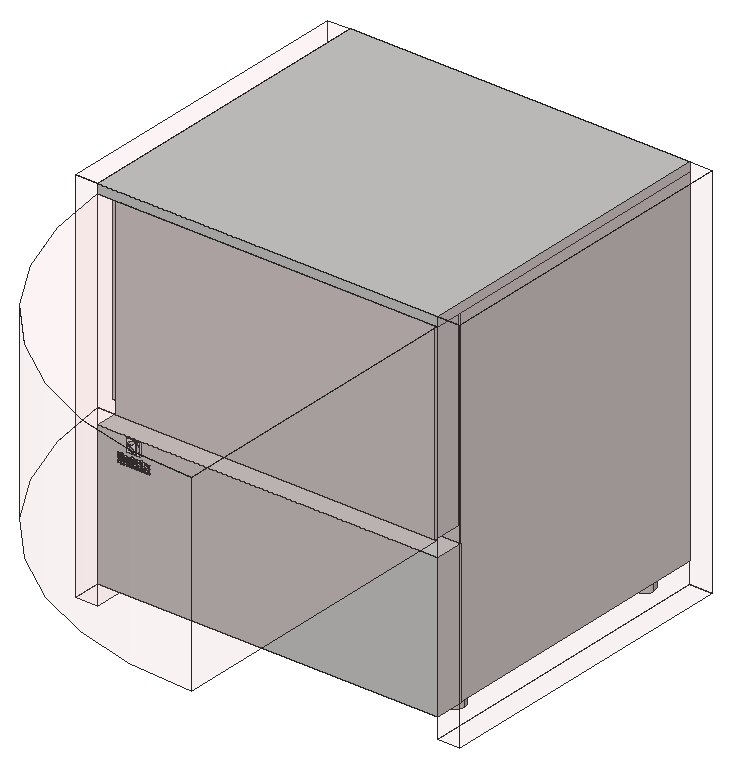
Revit family "QF_ELECTROLUXPROFESSIONAL_725442_ECBCFA015UE", category Attrezzature speciali, Revit 2018
Family settings
  Quota connettore circolare = Usa diametro
  Tipo di parte = Normale
  Basato su piano di lavoro = No
  Sempre verticale = Sì
  Taglio con vuoti quando caricato = No
  Condiviso = No
  Punto di calcolo locali = No
Parameters (values of type "Standard")
  Weight = 85.00 kg
  Watts = 730 W
  Volts = 220 V
  URL Manufacturer = "https://www.electroluxprofessional.com/"
  URL = "https://www.electroluxprofessional.com/"
  Steam Supply Size = 0 mm
  Steam Supply Minimum Pressure = 0.0 Pa
  Steam Supply Maximum Pressure = 0.0 Pa
  Steam Consumption per Hour = 0
  Show Logo [instance] = yes
  Show Clearance [instance] = yes
  Refrigeration Suction Line Size = 0 mm
  Refrigeration Liquid Line Size = 0 mm
  Refrigerant Compressor Remote = yes
  Produttore = "Electrolux Professional"
  Phase = 1
  Modello = "ECBCFA015UE"
  Length Actual = 762 mm  # constant formula
  Item Number = "725442"
  Hot Water Size = 0 mm
  Height Actual = 850 mm  # constant formula
  HP = "1 HP"
  Gas Size = 0 mm
  Gas KW = 0
  Gas Input Pressure = 0 W
  Direct Waste Size = 0 mm
  Descrizione = "BLAST CHILLER/FREEZER CW 15KG 5 GN 1/1 - R452A - UNDERCOUNTER"
  Depth Actual = 708 mm  # constant formula
  Cycle = 50 Hz
  Condensate Return Size = 0 mm
  Compressed Air Volume = 0.0 L/s
  Compressed Air Size = 0 mm
  Compressed Air Pressure = 0.0 Pa
  Cold Water Size = 0 mm
  Accessory = yes
Types (2, lengths in mm): name | URL | Produttore | Phase | Modello | Descrizione
  (no name) | 0 | 0 | 0 | 0 | 0
  Standard | "https://www.electroluxprofessional.com/" | "Electrolux Professional" | 1 | "ECBCFA015UE" | "BLAST CHILLER/FREEZER CW 15KG 5 GN 1/1 - R452A - UNDERCOUNTER"
Values of the unnamed type that differ from the named types
  Weight = 0.00 kg
  Watts = 0 W
  Volts = 0 V
  URL Manufacturer = ""
  Item Number = ""
  HP = ""
  Cycle = 0 Hz
Reference planes
  plane 1 "Center X": y = 193.851
  plane 2: z = 0
  plane 3 "Center Y": x = -378
  plane 4 "LEFT": x = -759
  plane 5 "BACK": y = 547.851
  plane 6 "RIGHT": x = 3
  plane 7 "FRONT": y = -160.149
  plane 8: z = 45
  plane 9 "TOP": z = 850
  plane 10: x = -703
  plane 11: y = 491.851
  plane 12: x = -53
  plane 13: y = -39.149
  plane 14: z = 830
  plane 15: y = -851.149
Forms (mm)
  Extrusion 1, solid, material "QF_Finishes_Stainless Steel"
    sketch origin (0, 0, 850) x (-1, 0, 0) y (0, -1, 0)
      loop
        line (759, -547.851) -> (759, 95.149) -> (-3, 95.149) -> (-3, -547.851) -> (759, -547.851)
    from -20 to -802
  Extrusion 2, solid, material "QF_Finishes_Stainless Steel"
    sketch origin (-499.727, 547.851, 687) x (1, 0, 0) y (0, 0, -1)
      loop
        circle (121.727, 592) r 10.5
    from 0 to 10
  Extrusion 3, solid, material "QF_Finishes_Stainless Steel"
    sketch origin (-1206.916, -1524, 45) x (-1, 0, 0) y (0, -1, 0)
      loop
        line (-447.916, -1363.851) -> (-1209.916, -1363.851) -> (-1209.916, -1428.851) -> (-447.916, -1428.851) -> (-447.916, -1363.851)
    from 320.766 to 0
  Extrusion 4, solid, material "QF_Finishes_Stainless Steel"
    sketch origin (-623, 0, 1060.038) x (1, 0, 0) y (0, 1, 0)
      loop
        line (620, -160.149) -> (620, -95.149) -> (-136, -95.149) -> (-136, -160.149) -> (620, -160.149)
    from -230.038 to -660.038
  Extrusion 5, solid, material "QF_Finishes_Stainless Steel"
    sketch origin (-1206.916, -1524, 882) x (-1, 0, 0) y (0, -1, 0)
      loop
        line (-447.916, -2071.851) -> (-447.916, -1363.851) -> (-1209.916, -1363.851) -> (-1209.916, -2071.851) -> (-447.916, -2071.851)
    from -32 to -52
  Extrusion 6, solid, material "QF_Clearance", visible <- "Show Clearance"
    sketch origin (0, 0, 0) x (1, 0, 0) y (0, 1, 0)
      loop
        line (-759, 547.851) -> (-809, 547.851) -> (-809, -160.149) -> (-759, -160.149) -> (-759, 547.851)
      loop
        line (53, 547.851) -> (3, 547.851) -> (3, -160.149) -> (53, -160.149) -> (53, 547.851)
    from 0 to 850
  Extrusion 7, solid, material "QF_Finishes_Stainless Steel"
    sketch origin (0, 0, 0) x (1, 0, 0) y (0, 1, 0)
      loop
        circle (-703, -39.149) r 20
      loop
        circle (-703, 491.851) r 20
      loop
        circle (-53, 491.851) r 20
      loop
        circle (-53, -39.149) r 20
    from 0 to 45
  Extrusion 8, void
    sketch origin (0, 0, 0) x (1, 0, 0) y (0, 1, 0)
      loop
        line (-759, -160.149) -> (-719, -160.149) -> (-719, -120.149) -> (-759, -120.149) -> (-759, -160.149)
    from 400 to 830
  Extrusion 9, solid, material "QF_Finishes_Stainless Steel"
    sketch origin (0, -65.734, 35) x (1, 0, 0) y (0, 1, 0)
      loop
        circle (-378, 228.585) r 10
    from 0 to 10
  Extrusion 10, solid, material "QF_Clearance", visible <- "Show Clearance"
    sketch origin (0, 0, 0) x (1, 0, 0) y (0, 1, 0)
      loop
        line (3, -160.149) -> (-759, -160.149)
        arc (-759, -160.149) -> (-520.402, -662.683) -> (3, -851.149) r 729.929
        line (3, -851.149) -> (3, -160.149)
    from 400 to 830
Cuts and joins
  joined: Extrusion 1, Extrusion 2
  Extrusion 8 cuts Extrusion 3
  Extrusion 8 cuts Extrusion 6
  Extrusion 8 cuts Extrusion 4
Lines and regions (mm)
  Split face 1
    outline origin (3, -160.149, 45) x (-1, 0, 0) y (0, 0, -1)
      loop
        line (762, -257) -> (562, -257) -> (537.858, -232.858) -> (224.142, -232.858) -> (200, -257) -> (0, -257)
  Split face 2
    outline origin (3, -160.149, 45) x (-1, 0, 0) y (0, 0, -1)
      loop
        line (762, -202) -> (0, -202)
  Split face 3
    outline origin (3, -160.149, 45) x (-1, 0, 0) y (0, 0, -1)
      loop
        line (408.5, -305.998) -> (408.5, -290.998) -> (353.5, -290.998) -> (353.5, -305.998) -> (408.5, -305.998)
  Split face 4
    outline origin (3, -160.149, 20) x (-1, 0, 0) y (0, 0, -1)
      loop
        line (408.5, -305.998) -> (408.5, -290.998) -> (353.5, -290.998) -> (353.5, -305.998) -> (408.5, -305.998)
  symbolic lines
    curve 1: line (-759, 547.851, 850) -> (3, 547.851, 850)
    curve 2: line (-759, -160.149, 850) -> (-759, 547.851, 850)
    curve 3: line (3, 547.851, 850) -> (3, -160.149, 850)
    curve 4: line (3, -160.149, 0) -> (-759, -160.149, 0)
  symbolic lines, style "QF_Clearances"
    curve 5: line (-809, 547.851, 0) -> (-809, -160.149, 0)
    curve 6: line (-809, -160.149, 0) -> (-759, -160.149, 0)
    curve 7: line (53, 547.851, 0) -> (3, 547.851, 0)
    curve 8: line (53, 547.851, 0) -> (53, -160.149, 0)
    curve 9: line (-759, 547.851, 0) -> (-809, 547.851, 0)
    curve 10: line (3, -160.149, 0) -> (53, -160.149, 0)
  symbolic lines, style "QF_Door-Drawer Clearances"
    curve 11: line (3, -851.149, 0) -> (3, -160.149, 0)
    curve 12: arc (-759, -160.149, 0) -> (-520.402, -662.683, 0) -> (3, -851.149, 0) r 729.929
Dimensions and locks
  equal spacing: plane 4 "LEFT", plane 3 "Center Y", plane 6 "RIGHT"
  plane 4 "LEFT" to plane 6 "RIGHT" = 762 mm
  plane 5 "BACK" to plane 7 "FRONT" = 708 mm
  equal spacing: plane 5 "BACK", plane 1 "Center X", plane 7 "FRONT"
  cut or joined group of Extrusion 1, Extrusion 2 to Extrusion 2 sketch curve = 381 mm
  level to Extrusion 2 sketch curve = 95 mm
  Extrusion 2 sketch curve to plane 4 "LEFT" = 381 mm
  plane 9 "TOP" to plane 2 = 850 mm
  locked: plane 9 "TOP" to plane 14 at 20
  plane 8 to level = 45 mm
  plane 6 "RIGHT" to plane 12 = 56 mm
  plane 5 "BACK" to plane 15 = 1399 mm
  aligned and locked: level to plane 2
  aligned and locked: Extrusion 1 to plane 4 "LEFT"
  aligned and locked: plane 6 "RIGHT" to Extrusion 1
  aligned and locked: plane 14 to cut or joined group of Extrusion 1, Extrusion 2
  aligned and locked: plane 5 "BACK" to Extrusion 1
  aligned and locked: plane 8 to Extrusion 7
Automatic sketch dimensions
  curve 6 to plane 7 "FRONT" = 0 mm
  curve 5 to plane 5 "BACK" = 0 mm
  curve 9 to plane 4 "LEFT" = 0 mm
  curve 4 to plane 4 "LEFT" = 0 mm
  curve 10 to plane 6 "RIGHT" = 0 mm
  curve 7 to plane 5 "BACK" = 0 mm
  curve 7 to plane 6 "RIGHT" = 0 mm
  curve 9 to curve 9 = 50 mm
  plane 6 "RIGHT" to curve 8 = 50 mm
  Extrusion 1 sketch curve to plane 5 "BACK" = 0 mm
  Extrusion 1 sketch curve to plane 6 "RIGHT" = 0 mm
  Extrusion 1 sketch curve to plane 4 "LEFT" = 0 mm
  Extrusion 1 sketch curve to plane 13 = 56 mm
  curve 1 to plane 5 "BACK" = 0 mm
  curve 1 to plane 6 "RIGHT" = 0 mm
  curve 2 to plane 4 "LEFT" = 0 mm
  curve 3 to plane 7 "FRONT" = 0 mm
  curve 2 to plane 7 "FRONT" = 0 mm
  Extrusion 3 sketch curve to plane 6 "RIGHT" = 0 mm
  Extrusion 3 sketch curve to plane 4 "LEFT" = 0 mm
  Extrusion 3 sketch curve to plane 7 "FRONT" = 0 mm
  Extrusion 3 sketch curve to plane 13 = 56 mm
  Extrusion 4 sketch curve to plane 4 "LEFT" = 0 mm
  Extrusion 4 sketch curve to plane 7 "FRONT" = 0 mm
  Extrusion 4 sketch curve to plane 6 "RIGHT" = 6 mm
  Extrusion 4 sketch curve to plane 13 = 56 mm
  Extrusion 5 sketch curve to plane 5 "BACK" = 0 mm
  Extrusion 5 sketch curve to plane 6 "RIGHT" = 0 mm
  Extrusion 5 sketch curve to plane 4 "LEFT" = 0 mm
  Extrusion 5 sketch curve to plane 7 "FRONT" = 0 mm
  Split face 1 sketch curve to Extrusion 3 = 0 mm
  Extrusion 3 to Split face 1 sketch curve = 0 mm
  Split face 1 sketch curve to Extrusion 3 = 63.766 mm
  Split face 1 sketch curve to Extrusion 3 = 200 mm
  Split face 1 sketch curve to Split face 1 sketch curve = 24.142 mm  (x3)
  Split face 1 sketch curve to Extrusion 3 = 87.908 mm
  Split face 1 sketch curve to Extrusion 3 = 224.142 mm
  Split face 2 sketch curve to Extrusion 3 = 0 mm
  Extrusion 3 to Split face 2 sketch curve = 0 mm
  Split face 2 sketch curve to Extrusion 3 = 118.766 mm
  Split face 3 sketch curve to Extrusion 3 = 14.768 mm
  Split face 3 sketch curve to Extrusion 3 = 353.5 mm
  Split face 3 sketch curve to Split face 3 sketch curve = 55 mm
  Split face 3 sketch curve to Split face 3 sketch curve = 15 mm
  Split face 4 sketch curve to Extrusion 3 = 39.768 mm
  Split face 4 sketch curve to Extrusion 3 = 353.5 mm
  Split face 4 sketch curve to Split face 4 sketch curve = 55 mm
  Split face 4 sketch curve to Split face 4 sketch curve = 15 mm
  Extrusion 6 sketch curve to plane 7 "FRONT" = 0 mm  (x2)
  Extrusion 6 sketch curve to plane 5 "BACK" = 0 mm  (x2)
  Extrusion 6 sketch curve to plane 4 "LEFT" = 0 mm
  Extrusion 6 sketch curve to plane 6 "RIGHT" = 0 mm
  Extrusion 6 sketch curve to Extrusion 6 sketch curve = 50 mm
  plane 6 "RIGHT" to Extrusion 6 sketch curve = 50 mm
  Extrusion 7 sketch curve to plane 10 = 0 mm  (x2)
  Extrusion 7 sketch curve to plane 12 = 0 mm  (x2)
  Extrusion 7 sketch curve to plane 11 = 0 mm  (x2)
  Extrusion 7 sketch curve to plane 13 = 0 mm  (x2)
  Extrusion 8 sketch curve to plane 4 "LEFT" = 0 mm
  Extrusion 8 sketch curve to plane 7 "FRONT" = 0 mm
  Extrusion 8 sketch curve to plane 10 = 16 mm
  plane 7 "FRONT" to Extrusion 8 sketch curve = 40 mm
  Extrusion 9 sketch curve to plane 3 "Center Y" = 0 mm
  plane 1 "Center X" to Extrusion 9 sketch curve = 31 mm
  Extrusion 10 sketch curve to plane 4 "LEFT" = 0 mm
  Extrusion 10 sketch curve to plane 6 "RIGHT" = 0 mm
  Extrusion 10 sketch curve to plane 15 = 0 mm
  Extrusion 10 sketch curve to plane 7 "FRONT" = 0 mm
  plane 12 to Extrusion 10 sketch curve = 22.929 mm
  curve 11 to plane 15 = 0 mm
  plane 12 to curve 12 = 22.929 mm
  radius of Extrusion 2 sketch curve = 10.5 mm
  radius of Extrusion 7 sketch curve = 20 mm  (x4)
  radius of Extrusion 9 sketch curve = 10 mm
Nested families
  nested 1: "ELX_Pro_Logo" at (-678, -160.149, 331.25) x (1, 0, 0) z (0, -1, 0), type "ELX_Pro_Logo"
Connectors
  electrical at (-378, 557.851, 95), driven by "Volts"
    settings: on Extrusion 2, index 5, voltage 220 V, apparent load 0 VA, apparent load phase1 0 VA, apparent load phase2 0 VA, apparent load phase3 0 VA, power factor 1, load classification "Altro", number of poles 1, system type 30, power factor state 1, is connector primary yes, connector utility no, sub classification motor no, connector description "Electrical Connection"
  piping at (-378, 162.851, 35), diameter 20
    settings: on Extrusion 9, index 6, connector inside diameter 609.6 mm, connector length 0 mm, flow factor 0, pipe flow 0.0 L/s, pressure drop 0.0 Pa, fitting loss kfactor 0, connector angle 0.00°, fixture units 0, engagement length 0 mm, angle of deflection 0.00°, flow configuration 0, flow direction 0, fitting loss method 0, system type 16, joint type 0, gender type 0, connector reference index -1, connector utility 0, adjustable connector no, is connector primary yes, connector description ""
Definition of nested family "ELX_Pro_Logo"
  Parameters (values of type "ELX_Pro_Logo")
    M = none
    Default Elevation = 0 mm
  Reference planes
    plane 1 "Centro (Fronte/Retro)": y = 0
    plane 2: z = 0
    plane 3 "Centro (Sinistra/Destra)": x = 0
  Forms (mm)
    Extrusion 1, solid
      sketch origin (0, 0, 0) x (1, 0, 0) y (0, 1, 0)
        loop
          line (-1219.2, 1219.2) -> (-1219.2, -1219.2) -> (1219.2, -1219.2) -> (1219.2, 1219.2) -> (-1219.2, 1219.2)
      from 0 to -304.8
    Extrusion 2, solid, material <- "M"
      sketch origin (-144.622, -1081.55, 0) x (-1, 0, 0) y (0, -1, 0)
        loop
          line (-111.329, -1069.559) -> (-111.329, -1071.073) -> (-116.048, -1071.073) -> (-116.048, -1072.896) -> (-111.328, -1072.896) -> (-111.328, -1075.549) -> (-116.349, -1075.549) -> (-116.349, -1077.368) -> (-109.396, -1077.368) -> (-109.396, -1073.46) -> (-109.396, -1069.659)
          arc (-109.396, -1069.659) -> (-110.425, -1067.175) -> (-112.909, -1066.146) r 3.513
          line (-112.909, -1066.146) -> (-116.483, -1066.146) -> (-116.483, -1067.963) -> (-112.925, -1067.963)
          arc (-112.925, -1067.963) -> (-111.797, -1068.431) -> (-111.329, -1069.559) r 1.596
        loop
          line (-119.79, -1077.358) -> (-117.856, -1077.358) -> (-117.856, -1072.053) -> (-117.856, -1066.132) -> (-119.79, -1066.132) -> (-119.79, -1072.092) -> (-119.79, -1077.358)
        loop
          line (-122.986, -1069.718) -> (-129.327, -1069.718)
          arc (-129.327, -1069.718) -> (-129.219, -1071.449) -> (-128.497, -1073.026) r 4.757
          arc (-128.497, -1073.026) -> (-125.237, -1074.5) -> (-121.978, -1073.026) r 4.34
          arc (-121.978, -1073.026) -> (-121.072, -1070.207) -> (-121.978, -1067.388) r 4.838
          arc (-121.978, -1067.388) -> (-125.393, -1065.933) -> (-128.809, -1067.388) r 4.737
          line (-128.809, -1067.388) -> (-127.645, -1068.52)
          arc (-127.645, -1068.52) -> (-125.509, -1067.576) -> (-123.374, -1068.52) r 2.888
          arc (-123.374, -1068.52) -> (-123.05, -1069.077) -> (-122.986, -1069.718) r 1.527
        loop
          arc (-127.386, -1071.076) -> (-126.67, -1072.331) -> (-125.331, -1072.872) r 2.201
          arc (-125.331, -1072.872) -> (-123.848, -1072.402) -> (-123.033, -1071.076) r 2.23
          line (-123.033, -1071.076) -> (-127.386, -1071.076)
        loop
          line (-136.862, -1071.886) -> (-138.059, -1073.132)
          arc (-138.059, -1073.132) -> (-130.327, -1070.219) -> (-138.059, -1067.306) r 4.415
          line (-138.059, -1067.306) -> (-136.862, -1068.553)
          arc (-136.862, -1068.553) -> (-132.252, -1070.22) -> (-136.862, -1071.886) r 2.606
        loop
          line (-141.192, -1069.673) -> (-141.192, -1072.494) -> (-142.951, -1072.494) -> (-142.951, -1074.25) -> (-141.195, -1074.25) -> (-141.195, -1077.358) -> (-139.262, -1077.358) -> (-139.262, -1073.332) -> (-139.262, -1069.514)
          arc (-139.262, -1069.514) -> (-140.299, -1066.92) -> (-142.98, -1066.132) r 3.196
          line (-142.98, -1066.132) -> (-142.987, -1067.949)
          arc (-142.987, -1067.949) -> (-141.652, -1068.356) -> (-141.192, -1069.673) r 1.542
        loop
          line (-146.494, -1073.042) -> (-146.494, -1074.25) -> (-144.576, -1074.25) -> (-144.576, -1070.271) -> (-144.576, -1066.132) -> (-146.494, -1066.132) -> (-146.494, -1070.401)
          arc (-146.494, -1070.401) -> (-147.446, -1072.228) -> (-149.489, -1072.494) r 2.229
          line (-149.489, -1072.494) -> (-149.489, -1074.362)
          arc (-149.489, -1074.362) -> (-147.761, -1074.226) -> (-146.494, -1073.042) r 2.627
        loop
          line (-159.833, -1072.246) -> (-159.833, -1066.131) -> (-161.767, -1066.131) -> (-161.767, -1072.17) -> (-161.767, -1077.359) -> (-159.833, -1077.359) -> (-159.833, -1072.246)
        loop
          line (-165.194, -1069.514) -> (-165.194, -1074.25) -> (-163.245, -1074.25) -> (-163.245, -1071.898) -> (-163.245, -1069.098)
          arc (-163.245, -1069.098) -> (-166.96, -1065.769) -> (-170.687, -1069.085) r 3.745
          line (-170.687, -1069.085) -> (-170.687, -1071.898) -> (-170.687, -1074.25) -> (-168.739, -1074.25) -> (-168.739, -1069.514)
          arc (-168.739, -1069.514) -> (-166.967, -1067.742) -> (-165.194, -1069.514) r 1.772
        loop
          line (-174.654, -1070.416) -> (-172.975, -1068.078) -> (-171.578, -1066.131) -> (-173.656, -1066.131) -> (-175.717, -1068.999) -> (-177.779, -1066.131) -> (-179.857, -1066.131) -> (-178, -1068.728) -> (-176.781, -1070.433) -> (-178.29, -1072.488) -> (-179.583, -1074.25) -> (-177.473, -1074.25) -> (-175.717, -1071.818) -> (-173.945, -1074.25) -> (-171.852, -1074.25) -> (-173.052, -1072.608) -> (-174.654, -1070.416)
        loop
          circle (-154.223, -1070.188) r 2.508
        loop
          circle (-154.223, -1070.188) r 4.42
        loop
          line (-110.224, -1058.542) -> (-111.194, -1058.542)
          arc (-111.194, -1058.542) -> (-112.217, -1059.95) -> (-110.924, -1061.114) r 1.3
          line (-110.924, -1061.114) -> (-109.424, -1061.114) -> (-109.424, -1057.223) -> (-110.224, -1057.223) -> (-110.224, -1058.542)
        loop
          line (-110.224, -1060.379) -> (-110.224, -1059.293) -> (-111.03, -1059.293)
          arc (-111.03, -1059.293) -> (-111.43, -1059.836) -> (-111.03, -1060.379) r 0.569
          line (-111.03, -1060.379) -> (-110.224, -1060.379)
        loop
          line (-116.302, -1058.564) -> (-117.128, -1058.564) -> (-117.934, -1057.223) -> (-118.841, -1057.223) -> (-117.833, -1058.884)
          arc (-117.833, -1058.884) -> (-118.214, -1060.282) -> (-117.028, -1061.114) r 1.26
          line (-117.028, -1061.114) -> (-115.503, -1061.114) -> (-115.503, -1057.223) -> (-116.302, -1057.223) -> (-116.302, -1058.564)
        loop
          line (-116.302, -1060.379) -> (-116.302, -1059.293) -> (-117.109, -1059.293)
          arc (-117.109, -1059.293) -> (-117.508, -1059.836) -> (-117.109, -1060.379) r 0.569
          line (-117.109, -1060.379) -> (-116.302, -1060.379)
        loop
          line (-128.923, -1057.223) -> (-129.723, -1057.223) -> (-129.723, -1058.714) -> (-131.187, -1058.714) -> (-131.187, -1059.514) -> (-129.723, -1059.514) -> (-129.723, -1060.314) -> (-131.327, -1060.314) -> (-131.327, -1061.114) -> (-128.923, -1061.114) -> (-128.923, -1057.223)
        loop
          arc (-134.628, -1058.469) -> (-134.992, -1057.588) -> (-135.874, -1057.223) r 1.246
          line (-135.874, -1057.223) -> (-137.13, -1057.223) -> (-137.13, -1058.023) -> (-135.969, -1058.023)
          arc (-135.969, -1058.023) -> (-135.53, -1058.237) -> (-135.427, -1058.714) r 0.558
          line (-135.427, -1058.714) -> (-136.984, -1058.714) -> (-136.984, -1059.514) -> (-135.427, -1059.514) -> (-135.427, -1060.314) -> (-137.092, -1060.314) -> (-137.092, -1061.114) -> (-134.628, -1061.114) -> (-134.628, -1058.469)
        loop
          line (-152.3, -1057.223) -> (-153.1, -1057.223) -> (-153.1, -1061.114) -> (-152.3, -1061.114) -> (-152.3, -1057.223)
        loop
          line (-164.67, -1057.223) -> (-164.67, -1059.67) -> (-166.45, -1057.223) -> (-167.25, -1057.223) -> (-167.25, -1061.114) -> (-166.42, -1061.114) -> (-166.42, -1058.594) -> (-164.64, -1061.114) -> (-163.84, -1061.114) -> (-163.84, -1057.223) -> (-164.67, -1057.223)
        loop
          line (-170.403, -1057.223) -> (-171.262, -1057.223) -> (-171.641, -1058.063) -> (-173.08, -1058.063) -> (-173.459, -1057.223) -> (-174.317, -1057.223) -> (-172.796, -1061.113) -> (-171.996, -1061.113) -> (-170.403, -1057.223)
        loop
          line (-177.493, -1057.223) -> (-179.789, -1057.223) -> (-179.789, -1058.023) -> (-178.293, -1058.023) -> (-178.293, -1061.114) -> (-177.493, -1061.114) -> (-177.493, -1057.223)
        loop
          line (-172.362, -1059.848) -> (-171.945, -1058.83) -> (-172.76, -1058.83) -> (-172.362, -1059.848)
        loop
          circle (-158.484, -1059.145) r 1.288
        loop
          circle (-158.484, -1059.145) r 2.065
        loop
          arc (-146.04, -1058.095) -> (-146.933, -1057.275) -> (-148.145, -1057.245) r 1.725
          arc (-148.145, -1057.245) -> (-148.965, -1058.02) -> (-148.68, -1059.111) r 1.107
          arc (-148.68, -1059.111) -> (-148.103, -1059.465) -> (-147.486, -1059.746) r 5.523
          arc (-147.486, -1059.746) -> (-147.147, -1060.262) -> (-147.708, -1060.52) r 0.407
          arc (-147.708, -1060.52) -> (-148.045, -1060.315) -> (-148.325, -1060.038) r 1.702
          line (-148.325, -1060.038) -> (-149.011, -1060.45)
          arc (-149.011, -1060.45) -> (-148.578, -1060.911) -> (-148.043, -1061.247) r 2.463
          arc (-148.043, -1061.247) -> (-146.373, -1060.466) -> (-147.42, -1058.949) r 1.207
          spline (-147.42, -1058.949) -> (-147.716, -1058.809) -> (-147.932, -1058.678) -> (-148.077, -1058.557) -> (-148.163, -1058.446) -> (-148.198, -1058.347) -> (-148.192, -1058.258) -> (-148.157, -1058.182) -> (-148.102, -1058.118) -> (-148.037, -1058.068) -> (-147.972, -1058.031) -> (-147.917, -1058.008) -> (-147.883, -1058)
          arc (-147.883, -1058) -> (-147.238, -1058.014) -> (-146.759, -1058.446) r 0.925
          line (-146.759, -1058.446) -> (-146.04, -1058.095)
        loop
          arc (-140.18, -1058.095) -> (-141.073, -1057.275) -> (-142.285, -1057.245) r 1.725
          arc (-142.285, -1057.245) -> (-143.106, -1058.02) -> (-142.821, -1059.111) r 1.107
          arc (-142.821, -1059.111) -> (-142.243, -1059.465) -> (-141.627, -1059.746) r 5.523
          arc (-141.627, -1059.746) -> (-141.287, -1060.262) -> (-141.849, -1060.52) r 0.407
          arc (-141.849, -1060.52) -> (-142.185, -1060.315) -> (-142.466, -1060.038) r 1.702
          line (-142.466, -1060.038) -> (-143.151, -1060.45)
          arc (-143.151, -1060.45) -> (-142.719, -1060.911) -> (-142.183, -1061.247) r 2.463
          arc (-142.183, -1061.247) -> (-140.513, -1060.466) -> (-141.56, -1058.949) r 1.207
          spline (-141.56, -1058.949) -> (-141.856, -1058.809) -> (-142.072, -1058.678) -> (-142.218, -1058.557) -> (-142.303, -1058.446) -> (-142.338, -1058.347) -> (-142.333, -1058.258) -> (-142.298, -1058.182) -> (-142.242, -1058.118) -> (-142.177, -1058.068) -> (-142.112, -1058.031) -> (-142.057, -1058.008) -> (-142.023, -1058)
          arc (-142.023, -1058) -> (-141.378, -1058.014) -> (-140.9, -1058.446) r 0.925
          line (-140.9, -1058.446) -> (-140.18, -1058.095)
        loop
          circle (-123.484, -1059.145) r 1.288
        loop
          circle (-123.484, -1059.145) r 2.065
        loop
          line (-130.225, -1113.361) -> (-130.225, -1084.645) -> (-158.979, -1084.645) -> (-158.979, -1113.361) -> (-130.225, -1113.361)
        loop
          arc (-148.442, -1086.055) -> (-157.992, -1098.973) -> (-148.442, -1111.892) r 13.512
          line (-148.442, -1111.892) -> (-148.442, -1086.055)
        loop
          line (-147.127, -1086.055) -> (-147.127, -1087.926)
          arc (-147.127, -1087.926) -> (-143.116, -1095.125) -> (-135.48, -1098.224) r 12.412
          line (-135.48, -1098.224) -> (-131.205, -1098.224)
          arc (-131.205, -1098.224) -> (-136.382, -1088.497) -> (-147.127, -1086.055) r 13.242
        loop
          line (-147.127, -1110.021) -> (-147.127, -1112.224)
          arc (-147.127, -1112.224) -> (-136.374, -1109.53) -> (-131.205, -1099.722) r 13.588
          line (-131.205, -1099.722) -> (-135.48, -1099.722)
          arc (-135.48, -1099.722) -> (-143.116, -1102.822) -> (-147.127, -1110.021) r 12.412
      from 0 to 1.6
  Lines and regions (mm)
    symbolic lines
      curve 1: line (-14.357, 31.811, 0) -> (14.357, 31.811, 0)
      curve 2: line (-14.357, 3.095, 0) -> (-14.357, 31.811, 0)
      curve 3: line (14.357, 3.095, 0) -> (-14.357, 3.095, 0)
      curve 4: line (14.357, 31.811, 0) -> (14.357, 3.095, 0)
      curve 5: line (-8.32, 7.722, 0) -> (-9.387, 8.738, 0)
      curve 6: line (-9.387, 8.738, 0) -> (-10.331, 9.866, 0)
      curve 7: line (-10.331, 9.866, 0) -> (-11.141, 11.095, 0)
      curve 8: line (-11.141, 11.095, 0) -> (-11.805, 12.411, 0)
      curve 9: line (-11.805, 12.411, 0) -> (-12.31, 13.803, 0)
      curve 10: line (-12.31, 13.803, 0) -> (-12.646, 15.26, 0)
      curve 11: line (-12.646, 15.26, 0) -> (-12.8, 16.77, 0)
      curve 12: line (-12.8, 16.77, 0) -> (-10.081, 16.77, 0)
      curve 13: line (-10.081, 16.77, 0) -> (-8.466, 16.661, 0)
      curve 14: line (-8.466, 16.661, 0) -> (-6.88, 16.344, 0)
      curve 15: line (-6.88, 16.344, 0) -> (-5.345, 15.833, 0)
      curve 16: line (-5.345, 15.833, 0) -> (-3.882, 15.143, 0)
      curve 17: line (-3.882, 15.143, 0) -> (-2.511, 14.288, 0)
      curve 18: line (-2.511, 14.288, 0) -> (-1.255, 13.283, 0)
      curve 19: line (-1.255, 13.283, 0) -> (-0.135, 12.143, 0)
      curve 20: line (-0.135, 12.143, 0) -> (0.83, 10.882, 0)
      curve 21: line (0.83, 10.882, 0) -> (1.616, 9.515, 0)
      curve 22: arc (1.616, 9.515, 0) -> (2.419, 7.28, 0) -> (2.7, 4.923, 0) r 10.532
      curve 23: arc (2.7, 4.923, 0) -> (1.362, 4.715, 0) -> (0.011, 4.633, 0) r 14.39
      curve 24: line (0.011, 4.633, 0) -> (-1.56, 4.731, 0)
      curve 25: line (-1.56, 4.731, 0) -> (-3.062, 5.011, 0)
      curve 26: line (-3.062, 5.011, 0) -> (-4.502, 5.462, 0)
      curve 27: line (-4.502, 5.462, 0) -> (-5.866, 6.072, 0)
      curve 28: line (-5.866, 6.072, 0) -> (-7.142, 6.829, 0)
      curve 29: line (-7.142, 6.829, 0) -> (-8.32, 7.722, 0)
      curve 30: line (-10.802, 24.24, 0) -> (-9.872, 25.531, 0)
      curve 31: line (-9.872, 25.531, 0) -> (-8.796, 26.699, 0)
      curve 32: line (-8.796, 26.699, 0) -> (-7.587, 27.728, 0)
      curve 33: line (-7.587, 27.728, 0) -> (-6.258, 28.602, 0)
      curve 34: line (-6.258, 28.602, 0) -> (-4.823, 29.309, 0)
      curve 35: line (-4.823, 29.309, 0) -> (-3.293, 29.832, 0)
      curve 36: line (-3.293, 29.832, 0) -> (-1.683, 30.156, 0)
      curve 37: arc (-1.683, 30.156, 0) -> (0.517, 30.256, 0) -> (2.702, 29.984, 0) r 13.008
      curve 38: arc (2.702, 29.984, 0) -> (2.453, 27.616, 0) -> (1.617, 25.387, 0) r 9.395
      curve 39: line (1.617, 25.387, 0) -> (0.83, 24.018, 0)
      curve 40: line (0.83, 24.018, 0) -> (-0.134, 22.756, 0)
      curve 41: line (-0.134, 22.756, 0) -> (-1.255, 21.615, 0)
      curve 42: line (-1.255, 21.615, 0) -> (-2.512, 20.609, 0)
      curve 43: line (-2.512, 20.609, 0) -> (-3.882, 19.754, 0)
      curve 44: line (-3.882, 19.754, 0) -> (-5.346, 19.063, 0)
      curve 45: line (-5.346, 19.063, 0) -> (-6.881, 18.551, 0)
      curve 46: line (-6.881, 18.551, 0) -> (-8.467, 18.234, 0)
      curve 47: line (-8.467, 18.234, 0) -> (-10.083, 18.125, 0)
      curve 48: line (-10.083, 18.125, 0) -> (-12.798, 18.125, 0)
      curve 49: line (-12.798, 18.125, 0) -> (-12.584, 19.768, 0)
      curve 50: line (-12.584, 19.768, 0) -> (-12.171, 21.343, 0)
      curve 51: line (-12.171, 21.343, 0) -> (-11.572, 22.839, 0)
      curve 52: line (-11.572, 22.839, 0) -> (-10.802, 24.24, 0)
      curve 53: line (4.048, 5.294, 0) -> (4.048, 29.617, 0)
      curve 54: line (4.048, 29.617, 0) -> (5.525, 29.026, 0)
      curve 55: line (5.525, 29.026, 0) -> (6.905, 28.26, 0)
      curve 56: line (6.905, 28.26, 0) -> (8.174, 27.332, 0)
      curve 57: line (8.174, 27.332, 0) -> (9.318, 26.256, 0)
      curve 58: line (9.318, 26.256, 0) -> (10.323, 25.046, 0)
      curve 59: line (10.323, 25.046, 0) -> (11.177, 23.715, 0)
      curve 60: line (11.177, 23.715, 0) -> (11.865, 22.277, 0)
      curve 61: line (11.865, 22.277, 0) -> (12.375, 20.746, 0)
      curve 62: line (12.375, 20.746, 0) -> (12.693, 19.135, 0)
      curve 63: line (12.693, 19.135, 0) -> (12.804, 17.459, 0)
      curve 64: line (12.804, 17.459, 0) -> (12.702, 15.807, 0)
      curve 65: line (12.702, 15.807, 0) -> (12.396, 14.216, 0)
      curve 66: line (12.396, 14.216, 0) -> (11.897, 12.7, 0)
      curve 67: line (11.897, 12.7, 0) -> (11.218, 11.271, 0)
      curve 68: line (11.218, 11.271, 0) -> (10.372, 9.944, 0)
      curve 69: line (10.372, 9.944, 0) -> (9.37, 8.731, 0)
      curve 70: line (9.37, 8.731, 0) -> (8.224, 7.646, 0)
      curve 71: line (8.224, 7.646, 0) -> (6.947, 6.703, 0)
      curve 72: line (6.947, 6.703, 0) -> (5.551, 5.914, 0)
      curve 73: line (5.551, 5.914, 0) -> (4.048, 5.294, 0)
      curve 74: line (-35.227, -8.09, 0) -> (-35.227, -11.891, 0)
      curve 75: arc (-35.227, -11.891, 0) -> (-34.198, -14.375, 0) -> (-31.714, -15.404, 0) r 3.513
      curve 76: line (-31.714, -15.404, 0) -> (-28.139, -15.404, 0)
      curve 77: line (-28.139, -15.404, 0) -> (-28.139, -13.587, 0)
      curve 78: line (-28.139, -13.587, 0) -> (-31.697, -13.587, 0)
      curve 79: arc (-31.697, -13.587, 0) -> (-32.826, -13.119, 0) -> (-33.293, -11.991, 0) r 1.596
      curve 80: line (-33.293, -11.991, 0) -> (-33.293, -10.477, 0)
      curve 81: line (-33.293, -10.477, 0) -> (-28.574, -10.477, 0)
      curve 82: line (-28.574, -10.477, 0) -> (-28.574, -8.654, 0)
      curve 83: line (-28.574, -8.654, 0) -> (-33.294, -8.654, 0)
      curve 84: line (-33.294, -8.654, 0) -> (-33.294, -6.001, 0)
      curve 85: line (-33.294, -6.001, 0) -> (-28.273, -6.001, 0)
      curve 86: line (-28.273, -6.001, 0) -> (-28.273, -4.182, 0)
      curve 87: line (-28.273, -4.182, 0) -> (-35.227, -4.182, 0)
      curve 88: line (-35.227, -4.182, 0) -> (-35.227, -8.09, 0)
      curve 89: line (-24.833, -9.458, 0) -> (-24.833, -4.192, 0)
      curve 90: line (-24.833, -4.192, 0) -> (-26.766, -4.192, 0)
      curve 91: line (-26.766, -4.192, 0) -> (-26.766, -9.497, 0)
      curve 92: line (-26.766, -9.497, 0) -> (-26.766, -15.418, 0)
      curve 93: line (-26.766, -15.418, 0) -> (-24.833, -15.418, 0)
      curve 94: line (-24.833, -15.418, 0) -> (-24.833, -9.458, 0)
      curve 95: arc (-16.125, -8.524, 0) -> (-19.385, -7.05, 0) -> (-22.645, -8.524, 0) r 4.34
      curve 96: arc (-22.645, -8.524, 0) -> (-23.551, -11.343, 0) -> (-22.645, -14.162, 0) r 4.838
      curve 97: arc (-22.645, -14.162, 0) -> (-19.229, -15.617, 0) -> (-15.813, -14.162, 0) r 4.737
      curve 98: line (-15.813, -14.162, 0) -> (-16.978, -13.03, 0)
      curve 99: arc (-16.978, -13.03, 0) -> (-19.113, -13.974, 0) -> (-21.249, -13.03, 0) r 2.888
      curve 100: arc (-21.249, -13.03, 0) -> (-21.572, -12.473, 0) -> (-21.637, -11.832, 0) r 1.527
      curve 101: line (-21.637, -11.832, 0) -> (-15.295, -11.832, 0)
      curve 102: arc (-15.295, -11.832, 0) -> (-15.404, -10.101, 0) -> (-16.125, -8.524, 0) r 4.757
      curve 103: line (-17.236, -10.474, 0) -> (-21.589, -10.474, 0)
      curve 104: arc (-21.589, -10.474, 0) -> (-20.774, -9.148, 0) -> (-19.291, -8.678, 0) r 2.23
      curve 105: arc (-19.291, -8.678, 0) -> (-17.952, -9.219, 0) -> (-17.236, -10.474, 0) r 2.201
      curve 106: arc (-6.563, -8.418, 0) -> (-14.295, -11.331, 0) -> (-6.563, -14.244, 0) r 4.415
      curve 107: line (-6.563, -14.244, 0) -> (-7.761, -12.997, 0)
      curve 108: arc (-7.761, -12.997, 0) -> (-12.371, -11.33, 0) -> (-7.761, -9.664, 0) r 2.606
      curve 109: line (-7.761, -9.664, 0) -> (-6.563, -8.418, 0)
      curve 110: line (-5.361, -4.192, 0) -> (-5.361, -8.218, 0)
      curve 111: line (-5.361, -8.218, 0) -> (-5.361, -12.036, 0)
      curve 112: arc (-5.361, -12.036, 0) -> (-4.323, -14.63, 0) -> (-1.642, -15.418, 0) r 3.196
      curve 113: line (-1.642, -15.418, 0) -> (-1.636, -13.601, 0)
      curve 114: arc (-1.636, -13.601, 0) -> (-2.97, -13.194, 0) -> (-3.43, -11.877, 0) r 1.542
      curve 115: line (-3.43, -11.877, 0) -> (-3.43, -9.056, 0)
      curve 116: line (-3.43, -9.056, 0) -> (-1.672, -9.056, 0)
      curve 117: line (-1.672, -9.056, 0) -> (-1.672, -7.299, 0)
      curve 118: line (-1.672, -7.299, 0) -> (-3.427, -7.299, 0)
      curve 119: line (-3.427, -7.299, 0) -> (-3.427, -4.192, 0)
      curve 120: line (-3.427, -4.192, 0) -> (-5.361, -4.192, 0)
      curve 121: line (1.872, -7.3, 0) -> (-0.046, -7.3, 0)
      curve 122: line (-0.046, -7.3, 0) -> (-0.046, -11.279, 0)
      curve 123: line (-0.046, -11.279, 0) -> (-0.046, -15.418, 0)
      curve 124: line (-0.046, -15.418, 0) -> (1.872, -15.418, 0)
      curve 125: line (1.872, -15.418, 0) -> (1.872, -11.149, 0)
      curve 126: arc (1.872, -11.149, 0) -> (2.824, -9.322, 0) -> (4.867, -9.056, 0) r 2.229
      curve 127: line (4.867, -9.056, 0) -> (4.867, -7.188, 0)
      curve 128: arc (4.867, -7.188, 0) -> (3.138, -7.324, 0) -> (1.872, -8.508, 0) r 2.627
      curve 129: line (1.872, -8.508, 0) -> (1.872, -7.3, 0)
      curve 130: arc (7.092, -11.362, 0) -> (9.601, -8.854, 0) -> (12.109, -11.362, 0) r 2.508
      curve 131: arc (12.109, -11.362, 0) -> (9.601, -13.871, 0) -> (7.092, -11.362, 0) r 2.508
      curve 132: arc (5.18, -11.362, 0) -> (9.601, -15.783, 0) -> (14.021, -11.362, 0) r 4.42
      curve 133: arc (14.021, -11.362, 0) -> (9.601, -6.942, 0) -> (5.18, -11.362, 0) r 4.42
      curve 134: line (15.211, -4.191, 0) -> (15.211, -9.304, 0)
      curve 135: line (15.211, -9.304, 0) -> (15.211, -15.419, 0)
      curve 136: line (15.211, -15.419, 0) -> (17.145, -15.419, 0)
      curve 137: line (17.145, -15.419, 0) -> (17.145, -9.38, 0)
      curve 138: line (17.145, -9.38, 0) -> (17.145, -4.191, 0)
      curve 139: line (17.145, -4.191, 0) -> (15.211, -4.191, 0)
      curve 140: line (18.622, -7.299, 0) -> (18.622, -9.652, 0)
      curve 141: line (18.622, -9.652, 0) -> (18.622, -12.452, 0)
      curve 142: arc (18.622, -12.452, 0) -> (22.338, -15.781, 0) -> (26.064, -12.465, 0) r 3.745
      curve 143: line (26.064, -12.465, 0) -> (26.064, -9.652, 0)
      curve 144: line (26.064, -9.652, 0) -> (26.064, -7.299, 0)
      curve 145: line (26.064, -7.299, 0) -> (24.116, -7.299, 0)
      curve 146: line (24.116, -7.299, 0) -> (24.116, -12.036, 0)
      curve 147: arc (24.116, -12.036, 0) -> (22.344, -13.808, 0) -> (20.572, -12.036, 0) r 1.772
      curve 148: line (20.572, -12.036, 0) -> (20.572, -7.299, 0)
      curve 149: line (20.572, -7.299, 0) -> (18.622, -7.299, 0)
      curve 150: line (28.43, -8.942, 0) -> (30.032, -11.134, 0)
      curve 151: line (30.032, -11.134, 0) -> (28.353, -13.472, 0)
      curve 152: line (28.353, -13.472, 0) -> (26.955, -15.419, 0)
      curve 153: line (26.955, -15.419, 0) -> (29.033, -15.419, 0)
      curve 154: line (29.033, -15.419, 0) -> (31.095, -12.551, 0)
      curve 155: line (31.095, -12.551, 0) -> (33.156, -15.419, 0)
      curve 156: line (33.156, -15.419, 0) -> (35.234, -15.419, 0)
      curve 157: line (35.234, -15.419, 0) -> (33.378, -12.822, 0)
      curve 158: line (33.378, -12.822, 0) -> (32.158, -11.117, 0)
      curve 159: line (32.158, -11.117, 0) -> (33.668, -9.062, 0)
      curve 160: line (33.668, -9.062, 0) -> (34.961, -7.3, 0)
      curve 161: line (34.961, -7.3, 0) -> (32.851, -7.3, 0)
      curve 162: line (32.851, -7.3, 0) -> (31.095, -9.732, 0)
      curve 163: line (31.095, -9.732, 0) -> (29.323, -7.3, 0)
      curve 164: line (29.323, -7.3, 0) -> (27.23, -7.3, 0)
      curve 165: line (27.23, -7.3, 0) -> (28.43, -8.942, 0)
      curve 166: line (-35.198, -20.436, 0) -> (-35.198, -24.327, 0)
      curve 167: line (-35.198, -24.327, 0) -> (-34.398, -24.327, 0)
      curve 168: line (-34.398, -24.327, 0) -> (-34.398, -23.008, 0)
      curve 169: line (-34.398, -23.008, 0) -> (-33.428, -23.008, 0)
      curve 170: arc (-33.428, -23.008, 0) -> (-32.405, -21.6, 0) -> (-33.699, -20.436, 0) r 1.3
      curve 171: line (-33.699, -20.436, 0) -> (-35.198, -20.436, 0)
      curve 172: line (-34.398, -22.257, 0) -> (-34.398, -21.171, 0)
      curve 173: line (-34.398, -21.171, 0) -> (-33.592, -21.171, 0)
      curve 174: arc (-33.592, -21.171, 0) -> (-33.192, -21.714, 0) -> (-33.592, -22.257, 0) r 0.569
      curve 175: line (-33.592, -22.257, 0) -> (-34.398, -22.257, 0)
      curve 176: line (-29.12, -20.436, 0) -> (-29.12, -24.327, 0)
      curve 177: line (-29.12, -24.327, 0) -> (-28.32, -24.327, 0)
      curve 178: line (-28.32, -24.327, 0) -> (-28.32, -22.986, 0)
      curve 179: line (-28.32, -22.986, 0) -> (-27.494, -22.986, 0)
      curve 180: line (-27.494, -22.986, 0) -> (-26.688, -24.327, 0)
      curve 181: line (-26.688, -24.327, 0) -> (-25.781, -24.327, 0)
      curve 182: line (-25.781, -24.327, 0) -> (-26.789, -22.666, 0)
      curve 183: arc (-26.789, -22.666, 0) -> (-26.409, -21.268, 0) -> (-27.594, -20.436, 0) r 1.26
      curve 184: line (-27.594, -20.436, 0) -> (-29.12, -20.436, 0)
      curve 185: line (-28.32, -22.257, 0) -> (-28.32, -21.171, 0)
      curve 186: line (-28.32, -21.171, 0) -> (-27.514, -21.171, 0)
      curve 187: arc (-27.514, -21.171, 0) -> (-27.114, -21.714, 0) -> (-27.514, -22.257, 0) r 0.569
      curve 188: line (-27.514, -22.257, 0) -> (-28.32, -22.257, 0)
      curve 189: arc (-22.427, -22.405, 0) -> (-21.138, -21.117, 0) -> (-19.85, -22.405, 0) r 1.288
      curve 190: arc (-19.85, -22.405, 0) -> (-21.138, -23.694, 0) -> (-22.427, -22.405, 0) r 1.288
      curve 191: arc (-23.203, -22.405, 0) -> (-21.138, -24.47, 0) -> (-19.074, -22.405, 0) r 2.065
      curve 192: arc (-19.074, -22.405, 0) -> (-21.138, -20.34, 0) -> (-23.203, -22.405, 0) r 2.065
      curve 193: line (-15.7, -20.436, 0) -> (-15.7, -24.327, 0)
      curve 194: line (-15.7, -24.327, 0) -> (-14.9, -24.327, 0)
      curve 195: line (-14.9, -24.327, 0) -> (-14.9, -22.836, 0)
      curve 196: line (-14.9, -22.836, 0) -> (-13.436, -22.836, 0)
      curve 197: line (-13.436, -22.836, 0) -> (-13.436, -22.036, 0)
      curve 198: line (-13.436, -22.036, 0) -> (-14.9, -22.036, 0)
      curve 199: line (-14.9, -22.036, 0) -> (-14.9, -21.236, 0)
      curve 200: line (-14.9, -21.236, 0) -> (-13.295, -21.236, 0)
      curve 201: line (-13.295, -21.236, 0) -> (-13.295, -20.436, 0)
      curve 202: line (-13.295, -20.436, 0) -> (-15.7, -20.436, 0)
      curve 203: line (-9.995, -20.436, 0) -> (-9.995, -23.081, 0)
      curve 204: arc (-9.995, -23.081, 0) -> (-9.63, -23.962, 0) -> (-8.749, -24.327, 0) r 1.246
      curve 205: line (-8.749, -24.327, 0) -> (-7.492, -24.327, 0)
      curve 206: line (-7.492, -24.327, 0) -> (-7.492, -23.527, 0)
      curve 207: line (-7.492, -23.527, 0) -> (-8.653, -23.527, 0)
      curve 208: arc (-8.653, -23.527, 0) -> (-9.092, -23.313, 0) -> (-9.195, -22.836, 0) r 0.558
      curve 209: line (-9.195, -22.836, 0) -> (-7.639, -22.836, 0)
      curve 210: line (-7.639, -22.836, 0) -> (-7.639, -22.036, 0)
      curve 211: line (-7.639, -22.036, 0) -> (-9.195, -22.036, 0)
      curve 212: line (-9.195, -22.036, 0) -> (-9.195, -21.236, 0)
      curve 213: line (-9.195, -21.236, 0) -> (-7.53, -21.236, 0)
      curve 214: line (-7.53, -21.236, 0) -> (-7.53, -20.436, 0)
      curve 215: line (-7.53, -20.436, 0) -> (-9.995, -20.436, 0)
      curve 216: arc (-4.442, -23.455, 0) -> (-3.549, -24.275, 0) -> (-2.337, -24.305, 0) r 1.725
      curve 217: arc (-2.337, -24.305, 0) -> (-1.517, -23.53, 0) -> (-1.802, -22.439, 0) r 1.107
      curve 218: arc (-1.802, -22.439, 0) -> (-2.379, -22.085, 0) -> (-2.996, -21.804, 0) r 5.523
      curve 219: arc (-2.996, -21.804, 0) -> (-3.336, -21.288, 0) -> (-2.774, -21.03, 0) r 0.407
      curve 220: arc (-2.774, -21.03, 0) -> (-2.437, -21.235, 0) -> (-2.157, -21.512, 0) r 1.702
      curve 221: line (-2.157, -21.512, 0) -> (-1.471, -21.1, 0)
      curve 222: arc (-1.471, -21.1, 0) -> (-1.904, -20.639, 0) -> (-2.44, -20.303, 0) r 2.463
      curve 223: arc (-2.44, -20.303, 0) -> (-4.109, -21.084, 0) -> (-3.062, -22.601, 0) r 1.207
      curve 224: line (-3.062, -22.601, 0) -> (-2.6, -23.549, 0)
      curve 225: arc (-2.6, -23.549, 0) -> (-3.244, -23.536, 0) -> (-3.723, -23.104, 0) r 0.925
      curve 226: line (-3.723, -23.104, 0) -> (-4.442, -23.455, 0)
      curve 227: arc (1.418, -23.455, 0) -> (2.311, -24.275, 0) -> (3.523, -24.305, 0) r 1.725
      curve 228: arc (3.523, -24.305, 0) -> (4.343, -23.53, 0) -> (4.058, -22.439, 0) r 1.107
      curve 229: arc (4.058, -22.439, 0) -> (3.48, -22.085, 0) -> (2.864, -21.804, 0) r 5.523
      curve 230: arc (2.864, -21.804, 0) -> (2.524, -21.288, 0) -> (3.086, -21.03, 0) r 0.407
      curve 231: arc (3.086, -21.03, 0) -> (3.423, -21.235, 0) -> (3.703, -21.512, 0) r 1.702
      curve 232: line (3.703, -21.512, 0) -> (4.389, -21.1, 0)
      curve 233: arc (4.389, -21.1, 0) -> (3.956, -20.639, 0) -> (3.42, -20.303, 0) r 2.463
      curve 234: arc (3.42, -20.303, 0) -> (1.75, -21.084, 0) -> (2.798, -22.601, 0) r 1.207
      curve 235: line (2.798, -22.601, 0) -> (3.26, -23.549, 0)
      curve 236: arc (3.26, -23.549, 0) -> (2.616, -23.536, 0) -> (2.137, -23.104, 0) r 0.925
      curve 237: line (2.137, -23.104, 0) -> (1.418, -23.455, 0)
      curve 238: line (7.678, -24.327, 0) -> (8.478, -24.327, 0)
      curve 239: line (8.478, -24.327, 0) -> (8.478, -20.436, 0)
      curve 240: line (8.478, -20.436, 0) -> (7.678, -20.436, 0)
      curve 241: line (7.678, -20.436, 0) -> (7.678, -24.327, 0)
      curve 242: arc (11.797, -22.405, 0) -> (13.862, -24.47, 0) -> (15.926, -22.405, 0) r 2.065
      curve 243: arc (15.15, -22.405, 0) -> (13.862, -23.694, 0) -> (12.573, -22.405, 0) r 1.288
      curve 244: arc (12.573, -22.405, 0) -> (13.862, -21.117, 0) -> (15.15, -22.405, 0) r 1.288
      curve 245: arc (15.926, -22.405, 0) -> (13.862, -20.34, 0) -> (11.797, -22.405, 0) r 2.065
      curve 246: line (19.217, -20.436, 0) -> (19.217, -24.327, 0)
      curve 247: line (19.217, -24.327, 0) -> (20.048, -24.327, 0)
      curve 248: line (20.048, -24.327, 0) -> (20.048, -21.88, 0)
      curve 249: line (20.048, -21.88, 0) -> (21.828, -24.327, 0)
      curve 250: line (21.828, -24.327, 0) -> (22.628, -24.327, 0)
      curve 251: line (22.628, -24.327, 0) -> (22.628, -20.436, 0)
      curve 252: line (22.628, -20.436, 0) -> (21.797, -20.436, 0)
      curve 253: line (21.797, -20.436, 0) -> (21.797, -22.956, 0)
      curve 254: line (21.797, -22.956, 0) -> (20.017, -20.436, 0)
      curve 255: line (20.017, -20.436, 0) -> (19.217, -20.436, 0)
      curve 256: line (27.374, -20.437, 0) -> (25.781, -24.327, 0)
      curve 257: line (25.781, -24.327, 0) -> (26.64, -24.327, 0)
      curve 258: line (26.64, -24.327, 0) -> (27.018, -23.487, 0)
      curve 259: line (27.018, -23.487, 0) -> (28.458, -23.487, 0)
      curve 260: line (28.458, -23.487, 0) -> (28.836, -24.327, 0)
      curve 261: line (28.836, -24.327, 0) -> (29.695, -24.327, 0)
      curve 262: line (29.695, -24.327, 0) -> (28.174, -20.437, 0)
      curve 263: line (28.174, -20.437, 0) -> (27.374, -20.437, 0)
      curve 264: line (27.322, -22.72, 0) -> (27.739, -21.702, 0)
      curve 265: line (27.739, -21.702, 0) -> (28.137, -22.72, 0)
      curve 266: line (28.137, -22.72, 0) -> (27.322, -22.72, 0)
      curve 267: line (32.87, -20.436, 0) -> (32.87, -24.327, 0)
      curve 268: line (32.87, -24.327, 0) -> (35.166, -24.327, 0)
      curve 269: line (35.166, -24.327, 0) -> (35.166, -23.527, 0)
      curve 270: line (35.166, -23.527, 0) -> (33.67, -23.527, 0)
      curve 271: line (33.67, -23.527, 0) -> (33.67, -20.436, 0)
      curve 272: line (33.67, -20.436, 0) -> (32.87, -20.436, 0)
  Dimensions and locks
    aligned and locked: plane 2 to Extrusion 1
    aligned and locked: level to Extrusion 1
